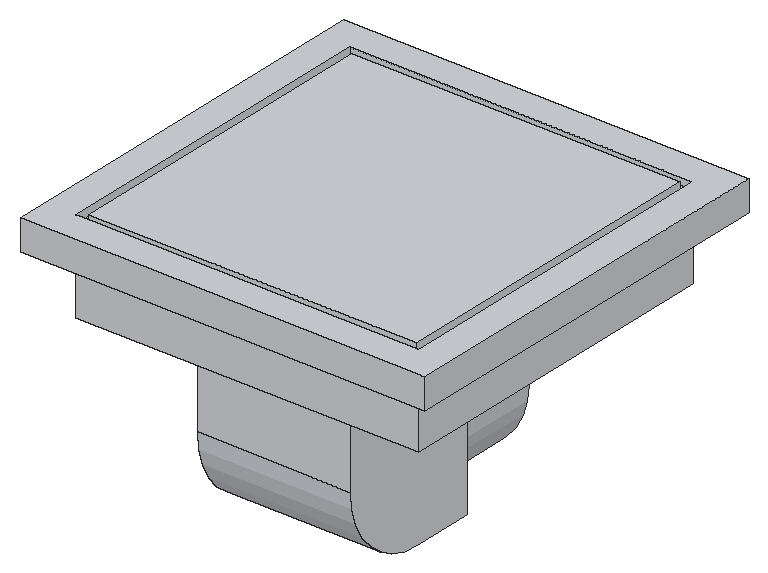
Revit family "BVN-BPR", category Generic Models, host Face, Revit 2019
Family settings
  Host = Face
  Can host rebar = No
  Round Connector Dimension = Use Diameter
  Part Type = Normal
  Cut with Voids When Loaded = No
  Shared = No
  Room Calculation Point = No
Parameters (values of type "BPR 1015")
  x' = 73.709 mm
  x [instance] = 26.291 mm
  Weight = 2.10 kg
  Voltage = 230 V
  URL = "http://www.bahcivanmotor.com.tr/"
  Speed (d/d) = 1550
  Sound Pressure Llevel dB(A) = 32
  Protection Class = 20
  Power = 28 W
  Pieces In Box = 6
  Model = "BPR"
  Material = none
  Manufacturer = "BVN"
  Insulation Class = "B"
  Description = "Plastic Fan"
  Current = 0.12 A
  Capacitor(uF) = 0.12
  H = 224 mm
  G = 114 mm
  Frequency = 50 Hz
  F = 100 mm
  E = 128 mm
  Default Elevation = 1219.2 mm
  D' = -D  # -40 mm
  D = 40 mm
  C = 20 mm
  B = 240 mm
  Air Flow = 150 m³/h
  A = 264 mm
Types (2, lengths in mm): name | Weight | Speed (d/d) | Sound Pressure Llevel dB(A) | Power | Material | Current | Capacitor(uF) | H | G | D' | D | B | Air Flow | A
  BPR 1012 | 1.90 kg | 1050 | 28 | 22 W | Stainless Steel | 0.9 A | 0.4 | 200 | 101 | -38 | 38 | 220 | 120 m³/h | 240
  BPR 1015 | 2.10 kg | 1550 | 32 | 28 W | none | 0.12 A | 0.12 | 224 | 114 | -40 | 40 | 240 | 150 m³/h | 264
Reference planes
  plane 1 "Center (Front/Back)": y = 0
  plane 2: z = 0
  plane 3 "Center (Left/Right)": x = 0
Forms (mm)
  Extrusion 1, solid, material <- "Material"
    sketch origin (0, 0, 0) x (1, 0, 0) y (0, 1, 0)
      loop
        line (-132, 132) -> (-132, -132) -> (132, -132) -> (132, 132) -> (-132, 132)
    from 0 to 20 <- "C"
  Extrusion 2, solid
    sketch origin (0, 0, 0) x (1, 0, 0) y (0, 1, 0)
      loop
        line (-112, 112) -> (-112, -112) -> (112, -112) -> (112, 112) -> (-112, 112)
    from -40 <- "D'" to 0
  Extrusion 3, solid
    sketch origin (0, 0, 0) x (0, 1, 0) y (0, 0, 1)
      loop
        line (30.066, -40) -> (-64.934, -40) -> (-64.934, -112.928)
        arc (-64.934, -112.928) -> (-48.825, -151.819) -> (-9.934, -167.928) r 55
        line (-9.934, -167.928) -> (30.066, -167.928) -> (30.066, -40)
    from -70 to 30
  Extrusion 4, solid
    sketch origin (0, 30.066, -167.928) x (0, 0, 1) y (1, 0, 0)
      loop
        circle (53.928, -20) r 50
    from 0 to 50
  Extrusion 5, void
    sketch origin (0, 0, 20) x (0, 1, 0) y (1, 0, 0)
      loop
        line (112, -112) -> (112, 112) -> (-112, 112) -> (-112, -112) -> (112, -112)
      loop
        line (107, -107) -> (107, 107) -> (-107, 107) -> (-107, -107) -> (107, -107)
    from 0 to 5
  Extrusion 6, void
    sketch origin (0, 0, 0) x (0, 1, 0) y (1, 0, 0)
      loop
        line (112, -112) -> (112, 112) -> (-112, 112) -> (-112, -112) -> (112, -112)
    from 0 to 500
Cuts and joins
  Extrusion 5 cuts Extrusion 1
Dimensions and locks
  equal spacing: Extrusion 1 sketch curve, plane 3 "Center (Left/Right)", Extrusion 1 sketch curve
  equal spacing: Extrusion 1 sketch curve, plane 1 "Center (Front/Back)", Extrusion 1 sketch curve
  "A": Extrusion 1 sketch curve to Extrusion 1 sketch curve  (x2)
  equal spacing: Extrusion 2 sketch curve, plane 3 "Center (Left/Right)", Extrusion 2 sketch curve
  equal spacing: Extrusion 2 sketch curve, plane 1 "Center (Front/Back)", Extrusion 2 sketch curve
  "H": Extrusion 2 sketch curve to Extrusion 2 sketch curve  (x2)
  equal spacing: Extrusion 3, Extrusion 4 sketch curve, Extrusion 3
  "G": Extrusion 4 sketch curve to cut or joined group of Extrusion 1, Extrusion 5
  "F": diameter of Extrusion 4 sketch curve
  aligned and locked: plane 2 to host face
  aligned and locked: level to host face
  aligned and locked: Extrusion 3 sketch curve to Extrusion 2
  aligned and locked: Extrusion 5 sketch curve to Extrusion 2  (x4)
  aligned and locked: Extrusion 6 sketch curve to Extrusion 2  (x4)
Automatic sketch dimensions
  host sketch curve to host sketch curve = 2438.4 mm  (x2)
  plane 1 "Center (Front/Back)" to Extrusion 3 sketch curve = 64.934 mm
  plane 1 "Center (Front/Back)" to Extrusion 3 sketch curve = 9.934 mm
  Extrusion 3 sketch curve to plane 1 "Center (Front/Back)" = 30.066 mm
  Extrusion 3 sketch curve to Extrusion 3 sketch curve = 72.928 mm
  Extrusion 5 sketch curve to Extrusion 5 sketch curve = 5 mm  (x4)
Connectors
  hvac at (-20, 80.066, -114), driven by "F"
    settings: on Extrusion 4, index 1, duct flow 0 m³/h, flow factor 0, pres drop 0.0 Pa, loss coef 0, conn angle 0.00°, conn width 304.8 mm, conn height 304.8 mm, conn diameter 100 mm, duct sys type 3, conn prof type 0, flow config 0, flow direction 0, loss method 0, conn ref index -1, conn util no, is conn primary yes, conn desc ""
